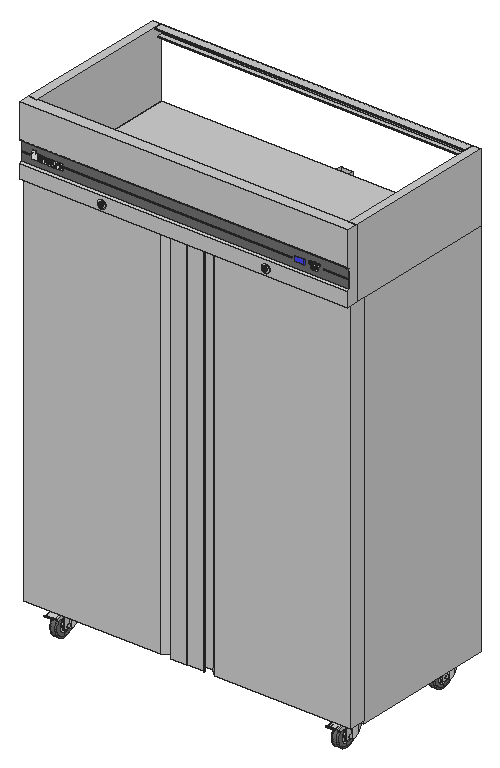
Revit family "QF_INOMAK_CEP2144_SL_250530082142", category Specialty Equipment, Revit 2021
Family settings
  Round Connector Dimension = Use Diameter
  Part Type = Normal
  OmniClass Number = 23.40.40.14
  OmniClass Title = Food Service Equipment
  Work Plane-Based = No
  Always vertical = Yes
  Cut with Voids When Loaded = No
  Shared = No
  Room Calculation Point = No
Parameters (values of type "CEP2144-SL")
  Weight [instance] = 190.999 kg
  Warranty Start Date [instance] = ""
  Warranty Duration [instance] = ""
  Volts [instance] = 230 V
  Volt Free Conn [instance] = no
  URL Recommended Spares List [instance] = ""
  URL Manufacturer [instance] = ""
  URL Cutsheet [instance] = ""
  URL Critical Spares List [instance] = ""
  URL = "www.inomak.com"
  Technical Documentation [instance] = ""
  Tag Number [instance] = ""
  Status [instance] = ""
  Start Up Current [instance] = 0 A
  Specification by User [instance] = ""
  Specification by Manufacturer [instance] = ""
  Sound Level [instance] = ""
  Show Logo [instance] = yes
  Show Clearances [instance] = yes
  Service Life Duration [instance] = ""
  Serial Number [instance] = ""
  Seismic Rating [instance] = ""
  SMACNA No [instance] = ""
  Revision Code [instance] = ""
  Revision [instance] = ""
  Production Year [instance] = ""
  Potential Equalisation [instance] = no
  Point Load [instance] = 0
  Phase [instance] = 1
  Other Equipment Approvals [instance] = ""
  Operational Current [instance] = 0 A
  Number of Poles [instance] = 2
  No Load Power Draw [instance] = no
  NAFEM Spec ID Number [instance] = ""
  Model Warning [instance] = ""
  Model = "CEP2144/SL"
  Min Ckt Ampacity [instance] = 0 A
  Max Overcurrent Protection [instance] = 10 A
  Masterspec [instance] = ""
  Manufacturer = "INOMAK"
  Main switch integrated [instance] = no
  Length Actual [instance] = 1439.926 mm
  Item Number [instance] = ""
  Installed By [instance] = ""
  Installation Date [instance] = ""
  Identify Quantity as Lot [instance] = no
  ID [instance] = ""
  Hygiene Approval [instance] = ""
  Height Actual [instance] = 2100.072 mm
  HP power [instance] = ""
  Furnished By [instance] = ""
  Foodservice Equipment Identifier [instance] = no
  FL Amps [instance] = 5.5 A
  Electrical Remarks [instance] = ""
  Electric power [instance] = 750 W
  Electric Connection Type [instance] = ""
  Elec Conn RI Height [instance] = 0 mm
  Elec Conn Connection Height [instance] = 0 mm
  ETL Approved [instance] = no
  Description = "CLOVER CHILLER CABINET WITH 2 GN 2/1 DOORS, COMPACT DIMENSIONS"
  Depth Actual [instance] = 768.096 mm
  Default Elevation = 0 mm
  Cycle [instance] = 50 Hz
  Cost = 0
  Connection to energy optimisation system [instance] = yes
  Conn Plug [instance] = ""
  Conn Conduit [instance] = no
  Centralized building control system with digital interface [instance] = ""
  CSI MasterFormat [instance] = ""
  CE Approved [instance] = no
  Barcode [instance] = 0
  Author [instance] = ""
  Asset Identifier [instance] = ""
  Apparent Power [instance] = 750 VA
  Accessory [instance] = no
Reference planes
  plane 1 "Center (Front/Back)": y = 0
  plane 2: z = 0
  plane 3 "Center (Left/Right)": x = 0
Forms (mm)
  Extrusion 1, solid, not visible
    sketch origin (1210.059, -2, 1930.094) x (1, 0, 0) y (0, 1, 0)
      loop
        line (-2, 2) -> (-2, -2) -> (2, -2) -> (2, 2) -> (-2, 2)
    from -2 to 2
Dimensions and locks
  locked: Extrusion 1 to nested 2
  locked: nested 2 to Extrusion 1 at 2
  aligned and locked: level to plane 2
Nested families
  nested 1: "QF_INOMAK_REF_CABINETS_2144_2920" at (0, 0, 130), type "CEP2144-SL"
    with Weight 190.999 kg, Warranty Start Date "", Warranty Duration "", URL Cutsheet "", Technical Documentation "", Tag Number "", Status "", Specification by User "", Specification by Manufacturer "", Sound Level "", Solid Fuel Type "", Show Clearances yes, Show Clearance yes, Service Life Duration "", Serial Number "", Seismic Rating "", SMACNA No "", Revision Code "", Revision "", Production Year "", Point Load 0, Other Equipment Approvals "", NAFEM Spec ID Number "", Model Warning "", Masterspec "", Length Actual 1439.926 mm, Item Number "", Installed By "", Installation Date "", Identify Quantity as Lot yes, ID "", Hygiene Approval "", Height Actual 2100.072 mm, Furnished By "", Foodservice Equipment Identifier yes, Finish none, ETL Approved yes, Depth Actual 768.096 mm, CSI MasterFormat "", CE Approved yes, Barcode "", Author "", Asset Identifier "", Accessory no
  nested 2: "CONN_POINT_ELE_2D___Generic_Annotation" at (1210.059, 0, 1930.094), type "CONN_POINT_ELE_2D___Generic_Annotation"
    with Onboard connection annotation symbol visibility yes
  nested 3: "QF_INOMAK_CASTORS_4703" at (0, 0, 0), type "CT-1440-730"
    with Weight 0.00 kg, Warranty Start Date "", Warranty Duration "", URL Cutsheet "", Technical Documentation "", Tag Number "", Status "", Specification by User "", Specification by Manufacturer "", Sound Level "", Solid Fuel Type "", Show Logo yes, Show Clearances yes, Service Life Duration "", Serial Number "", Seismic Rating "", SMACNA No "", Revision Code "", Revision "", Production Year "", Point Load 0, Other Equipment Approvals "", NAFEM Spec ID Number "", Model Warning "", Masterspec "", Length Actual 1439.926 mm, Item Number "", Installed By "", Installation Date "", Identify Quantity as Lot yes, ID "", Hygiene Approval "", Height Actual 130.048 mm, Furnished By "", Foodservice Equipment Identifier yes, ETL Approved yes, Depth Actual 729.996 mm, CSI MasterFormat "", CE Approved yes, Barcode "", Author "", Asset Identifier "", Accessory yes
Connectors
  electrical at (1210.059, 0, 1930.094), driven by "Apparent Power", driven by "Number of Poles", driven by "Volts"
    settings: on Extrusion 1, index 1, voltage 230 V, apparent load 0 VA, apparent load phase1 750 VA, apparent load phase2 0 VA, apparent load phase3 0 VA, power factor 1, load classification "Other", number of poles 2, system type 31, power factor state 1, is connector primary yes, connector utility no, sub classification motor no, connector description "Electrical connection for CEP2144/SL"
Definition of nested family "QF_INOMAK_REF_CABINETS_2144_2920"
  Parameters (values of type "CFP2144")
    Weight [instance] = 0.00 kg
    Warranty Start Date [instance] = ""
    Warranty Duration [instance] = ""
    URL Cutsheet [instance] = ""
    URL = "www.inomak.com"
    Technical Documentation [instance] = ""
    Tag Number [instance] = ""
    Status [instance] = ""
    Specification by User [instance] = ""
    Specification by Manufacturer [instance] = ""
    Sound Level [instance] = ""
    Solid Fuel Type [instance] = ""
    Show Logo = yes
    Show Clearances [instance] = yes
    Show Clearance [instance] = yes
    Service Life Duration [instance] = ""
    Serial Number [instance] = ""
    Seismic Rating [instance] = ""
    SMACNA No [instance] = ""
    Revision Code [instance] = ""
    Revision [instance] = ""
    Production Year [instance] = ""
    Point Load [instance] = 0
    Other Equipment Approvals [instance] = ""
    NAFEM Spec ID Number [instance] = ""
    Model Warning [instance] = ""
    Model = "CFP2144"
    Masterspec [instance] = ""
    Manufacturer = "INOMAK"
    Length Actual [instance] = 0 mm
    Length = 720 mm
    Item Number [instance] = ""
    Installed By [instance] = ""
    Installation Date [instance] = ""
    Identify Quantity as Lot [instance] = yes
    ID [instance] = ""
    Hygiene Approval [instance] = ""
    Height Actual [instance] = 0 mm
    Height = 1985 mm
    Furnished By [instance] = ""
    Foodservice Equipment Identifier [instance] = yes
    Finish [instance] = none
    ETL Approved [instance] = yes
    Description = "CASTANEA FREEZER CABINET WITH 2 GN 2/1 DOORS"
    Depth Actual [instance] = 0 mm
    Depth = 832 mm
    Default Elevation = 0 mm
    CSI MasterFormat [instance] = ""
    CE Approved [instance] = yes
    Barcode [instance] = ""
    Author [instance] = ""
    Asset Identifier [instance] = ""
    Assembly Code = "E1090320"
    Accessory [instance] = yes
  Types (4, lengths in mm): name | Model | Description | Depth
    CFP2144 | "CFP2144" | "CASTANEA FREEZER CABINET WITH 2 GN 2/1 DOORS" | 832
    CEP2144 | "CEP2144" | "CYPRESS CHILLER CABINET WITH 2 GN 2/1 DOORS" | 832
    CEP2144-SL | "CEP2144/SL" | "CLOVER CHILLER CABINET WITH 2 GN 2/1 DOORS, COMPACT DIMENSIONS" | 732
    CFP2144-SL | "CFP2144/SL" | "CLOVER FREEZER CABINET WITH 2 GN 2/1 DOORS, COMPACT DIMENSIONS" | 732
  Reference planes
    plane 1 "Back": y = 0
    plane 2: z = 0
    plane 3 "Left": x = 0
    plane 4 "Right": x = 1440
    plane 5 "Front": y = -832
    plane 6 "Top": z = 1985
  Forms (mm)
    Extrusion 1, solid
      sketch origin (-1732.685, -832, 3995) x (-1, 0, 0) y (0, 0, 1)
        loop
          circle (-3004.815, -2199.02) r 6.965
        loop
          circle (-3021.846, -2199.02) r 6.965
        loop
          circle (-3038.855, -2199.02) r 6.965
        loop
          circle (-3013.341, -2217.021) r 6.965
        loop
          circle (-3030.35, -2217.021) r 6.965
        loop
          circle (-3004.815, -2199.02) r 3.965
        loop
          circle (-3021.846, -2199.02) r 3.965
        loop
          circle (-3038.855, -2199.02) r 3.965
        loop
          circle (-3013.341, -2217.021) r 3.965
        loop
          circle (-3030.35, -2217.021) r 3.965
      from 7.3 to 10.302
    Extrusion 2, solid
      sketch origin (-1732.685, -832, 3995) x (-1, 0, 0) y (0, 0, 1)
        loop
          line (-2977.026, -2195.289) -> (-2977.026, -2218.289) -> (-2937.026, -2218.289) -> (-2937.026, -2195.289) -> (-2977.026, -2195.289)
      from 7.3 to 10.302
    Extrusion 3, solid
      sketch origin (-1732.685, -832, 3995) x (-1, 0, 0) y (0, 0, 1)
        loop
          line (-1732.685, -2167.27) -> (-3172.685, -2167.27) -> (-3172.685, -2246.309) -> (-1732.685, -2246.309) -> (-1732.685, -2167.27)
      from 7.8 to 10.302
    Extrusion 4, solid, visible <- "Show Logo"
      sketch origin (-1732.685, -832, 3995) x (-1, 0, 0) y (0, 0, 1)
        loop
          line (-1776.745, -2194.74) -> (-1782.745, -2194.74) -> (-1782.745, -2183.633) -> (-1796.982, -2183.633) -> (-1796.982, -2194.74) -> (-1802.982, -2194.74) -> (-1802.982, -2220.99) -> (-1776.745, -2220.99) -> (-1776.745, -2194.74)
        loop
          line (-1807.298, -2195.052) -> (-1814.587, -2195.052) -> (-1814.587, -2220.99) -> (-1807.298, -2220.99) -> (-1807.298, -2195.052)
        loop
          line (-1817.107, -2220.99) -> (-1817.107, -2195.052) -> (-1823.94, -2195.052) -> (-1827.134, -2206.971) -> (-1827.134, -2195.052) -> (-1833.666, -2195.052) -> (-1833.666, -2220.99) -> (-1827.134, -2220.99) -> (-1823.42, -2207.127) -> (-1823.42, -2220.99) -> (-1817.107, -2220.99)
        loop
          line (-1854.348, -2220.99) -> (-1854.348, -2195.052) -> (-1863.311, -2195.052) -> (-1865.673, -2209.062) -> (-1868.035, -2195.052) -> (-1876.997, -2195.052) -> (-1876.997, -2220.99) -> (-1870.372, -2220.99) -> (-1870.372, -2207.127) -> (-1868.035, -2220.99) -> (-1863.311, -2220.99) -> (-1860.973, -2207.127) -> (-1860.973, -2220.99) -> (-1854.348, -2220.99)
        loop
          line (-1839.536, -2195.052) -> (-1848.861, -2195.052)
          arc (-1848.861, -2195.052) -> (-1851.458, -2196.128) -> (-1852.533, -2198.724) r 3.672
          line (-1852.533, -2198.724) -> (-1852.533, -2217.318)
          arc (-1852.533, -2217.318) -> (-1851.458, -2219.914) -> (-1848.861, -2220.99) r 3.672
          line (-1848.861, -2220.99) -> (-1839.536, -2220.99)
          arc (-1839.536, -2220.99) -> (-1836.939, -2219.914) -> (-1835.864, -2217.318) r 3.672
          line (-1835.864, -2217.318) -> (-1835.864, -2198.724)
          arc (-1835.864, -2198.724) -> (-1836.939, -2196.128) -> (-1839.536, -2195.052) r 3.672
        loop
          arc (-1843.172, -2198.208) -> (-1844.198, -2197.181) -> (-1845.225, -2198.208) r 1.027
          line (-1845.225, -2198.208) -> (-1845.225, -2216.801)
          arc (-1845.225, -2216.801) -> (-1844.198, -2217.828) -> (-1843.172, -2216.801) r 1.027
          line (-1843.172, -2216.801) -> (-1843.172, -2198.208)
        loop
          line (-1878.066, -2220.99) -> (-1882.439, -2195.052) -> (-1891.3, -2195.052) -> (-1895.673, -2220.99) -> (-1889.146, -2220.99) -> (-1888.536, -2216.027) -> (-1885.203, -2216.027) -> (-1884.593, -2220.99) -> (-1878.066, -2220.99)
        loop
          line (-1885.759, -2211.498) -> (-1886.87, -2202.452) -> (-1887.98, -2211.498) -> (-1885.759, -2211.498)
        loop
          line (-1896.638, -2220.99) -> (-1896.638, -2195.052) -> (-1903.263, -2195.052) -> (-1903.263, -2204.165) -> (-1906.049, -2195.052) -> (-1913.487, -2195.052) -> (-1909.159, -2206.329) -> (-1914.207, -2220.99) -> (-1906.623, -2220.99) -> (-1903.263, -2208.45) -> (-1903.263, -2220.99) -> (-1896.638, -2220.99)
      from 7.3 to 10.3
    Extrusion 5, solid
      sketch origin (-1732.685, -832, 3995) x (-1, 0, 0) y (0, 0, 1)
        loop
          line (-1732.685, -2204.789) -> (-1769.679, -2204.789) -> (-1769.679, -2208.789) -> (-1732.685, -2208.789) -> (-1732.685, -2204.789)
        loop
          line (-1918.161, -2204.789) -> (-2922.526, -2204.789) -> (-2922.526, -2208.789) -> (-1918.161, -2208.789) -> (-1918.161, -2204.789)
        loop
          line (-3172.685, -2204.789) -> (-3172.685, -2208.789) -> (-3064.916, -2208.789) -> (-3064.916, -2204.789) -> (-3172.685, -2204.789)
      from 7.3 to 10.302
    Extrusion 6, solid, material <- "Finish"
      sketch origin (0, 24.612, -1987) x (0, 1, 0) y (0, 0, 1)
        loop
          line (-856.612, 3972) -> (-856.612, 3823.032) -> (-848.31, 3814.73) -> (-848.31, 3735.691) -> (-856.612, 3727.389) -> (-856.612, 3667) -> (-806.612, 3667) -> (-806.612, 3972) -> (-856.612, 3972)
      from 0 to 1440
    Extrusion 7, solid, material <- "Finish"
      sketch origin (0, 0, 1985) x (0, 1, 0) y (-1, 0, 0)
        loop
          line (-782, 0) -> (-782, -35) -> (0, -35) -> (0, 0) -> (-782, 0)
      from 0 to -305
    Extrusion 8, solid, material <- "Finish"
      sketch origin (0, 0, 1985) x (0, 1, 0) y (-1, 0, 0)
        loop
          line (-782, -1440) -> (0, -1440) -> (0, -1405) -> (-782, -1405) -> (-782, -1440)
      from 0 to -305
    Extrusion 9, solid, material <- "Finish"
      sketch origin (360, 24.612, -1987) x (0, 1, 0) y (0, 0, 1)
        loop
          line (-806.612, 3863.915) -> (-806.612, 3667) -> (-686.934, 3667) -> (-686.934, 3744.237) -> (-806.612, 3863.915)
      from -325 to 1045
    Extrusion 10, solid, material <- "Finish"
      sketch origin (40, 24.612, -123) x (0, 1, 0) y (0, 0, 1)
        loop
          line (-683.378, 1913.946) -> (-698.935, 1929.502) -> (-717.143, 1911.294) -> (-715.729, 1909.88) -> (-698.935, 1926.674) -> (-684.793, 1912.532) -> (-683.378, 1913.946)
      from 114.953 to 225
    Extrusion 11, solid, material <- "Finish"
      sketch origin (0, 30.903, -1982) x (0, 1, 0) y (0, 0, 1)
        loop
          line (-30.903, 3967) -> (-70.903, 3967) -> (-70.903, 3965) -> (-32.903, 3965) -> (-32.903, 3929) -> (-55.903, 3929) -> (-55.903, 3927) -> (-30.903, 3927) -> (-30.903, 3967)
      from 35 to 1405
    Extrusion 12, solid, material <- "Finish"
      sketch origin (0, 30.903, -118) x (0, 1, 0) y (0, 0, 1)
        loop
          line (-30.903, 1798) -> (-772.903, 1798) -> (-772.903, 1733) -> (-100.876, 1733) -> (-100.876, 188) -> (-772.903, 188) -> (-772.903, 118) -> (-30.903, 118) -> (-30.903, 1798)
      from 35 to 1405
    Extrusion 13, solid, material <- "Finish"
      sketch origin (0, 30.903, -415.687) x (1, 0, 0) y (0, 1, 0)
        loop
          line (0, -772.903) -> (35, -772.903) -> (35, -30.903) -> (0, -30.903) -> (0, -772.903)
      from 415.687 to 2095.687
    Extrusion 14, solid, material <- "Finish"
      sketch origin (720, 30.903, -415.687) x (-1, 0, 0) y (0, -1, 0)
        loop
          line (-720, 772.903) -> (-720, 30.903) -> (-685, 30.903) -> (-685, 772.903) -> (-720, 772.903)
      from 415.687 to 2095.687
    Revolve 15, solid
      sketch origin (358.942, 24.612, -1987) x (0, 1, 0) y (0, 0, 1)
        loop
          line (-859.012, 3694.152) -> (-856.612, 3694.152) -> (-856.612, 3711.145) -> (-857.612, 3711.145) -> (-861.012, 3706.633) -> (-861.012, 3702.998) -> (-859.012, 3702.998) -> (-859.012, 3694.152)
        axis (-856.612, 3694.152) -> (-861.012, 3694.152)
      angle from 0 to 360
    Extrusion 16, solid
      sketch origin (-2452.685, -832, 3995) x (-1, 0, 0) y (0, 0, 1)
        loop
          line (-2810.827, -2284.348) -> (-2812.827, -2284.348) -> (-2812.827, -2291.348) -> (-2810.827, -2291.348) -> (-2810.827, -2284.348)
        loop
          circle (-2811.627, -2287.848) r 7.846
      from -4.4 to -2.4
    Revolve 17, solid
      sketch origin (1081.058, 24.612, -1987) x (0, 1, 0) y (0, 0, -1)
        loop
          line (-859.012, -3694.152) -> (-859.012, -3702.998) -> (-861.012, -3702.998) -> (-861.012, -3706.633) -> (-857.612, -3711.145) -> (-856.612, -3711.145) -> (-856.612, -3694.152) -> (-859.012, -3694.152)
        axis (-856.612, -3694.152) -> (-861.012, -3694.152)
      angle from 0 to 360
    Extrusion 18, solid
      sketch origin (3892.685, -832, 3995) x (1, 0, 0) y (0, 0, -1)
        loop
          line (-2810.827, 2284.348) -> (-2810.827, 2291.348) -> (-2812.827, 2291.348) -> (-2812.827, 2284.348) -> (-2810.827, 2284.348)
        loop
          circle (-2811.627, 2287.848) r 7.846
      from -4.4 to -2.4
    Extrusion 19, solid, material <- "Finish"
      sketch origin (1400, 24.612, -123) x (0, 1, 0) y (0, 0, -1)
        loop
          line (-683.378, -1913.946) -> (-684.793, -1912.532) -> (-698.935, -1926.674) -> (-715.729, -1909.88) -> (-717.143, -1911.294) -> (-698.935, -1929.502) -> (-683.378, -1913.946)
      from 114.953 to 225
    Extrusion 20, solid, visible <- "Show Clearance", detail levels coarse
      sketch origin (872.304, -180, -18) x (-1, 0, 0) y (0, -1, 0)
        loop
          line (872.304, 1302) -> (804.804, 1302)
          arc (804.804, 1302) -> (341.042, 1101.619) -> (154.804, 632) r 660.076
          line (154.804, 632) -> (872.304, 632) -> (872.304, 1302)
      from 28 to 1695
    Extrusion 21, solid, material <- "Finish"
      sketch origin (25.5, -748.447, 1286.729) x (0, 1, 0) y (-1, 0, 0)
        loop
          line (-63.553, 25.5) -> (-63.553, -575.562) -> (-33.678, -605.437) -> (-33.678, -650.304) -> (-47.56, -652.255) -> (-51.238, -626.088) -> (-60.737, -620.603)
          arc (-60.737, -620.603) -> (-62.614, -620.603) -> (-63.553, -622.228) r 1.877
          line (-63.553, -622.228) -> (-63.553, -692) -> (6.447, -692) -> (6.447, 25.5) -> (-63.553, 25.5)
      from -1276.729 to 390.271
    Extrusion 22, solid, visible <- "Show Clearance", detail levels coarse
      sketch origin (567.696, -180, -18) x (1, 0, 0) y (0, 1, 0)
        loop
          line (872.304, -1302) -> (872.304, -632) -> (154.804, -632)
          arc (154.804, -632) -> (341.042, -1101.619) -> (804.804, -1302) r 660.076
          line (804.804, -1302) -> (872.304, -1302)
      from 28 to 1695
    Extrusion 23, solid, material <- "Finish"
      sketch origin (1414.5, -748.447, 1286.729) x (0, 1, 0) y (-1, 0, 0)
        loop
          line (-63.553, -25.5) -> (6.447, -25.5) -> (6.447, 692) -> (-63.553, 692) -> (-63.553, 622.228)
          arc (-63.553, 622.228) -> (-62.614, 620.603) -> (-60.737, 620.603) r 1.877
          line (-60.737, 620.603) -> (-51.238, 626.088) -> (-47.56, 652.255) -> (-33.678, 650.304) -> (-33.678, 605.437) -> (-63.553, 575.562) -> (-63.553, -25.5)
      from -1276.729 to 390.271
    Extrusion 24, solid, material <- "Finish"
      sketch origin (360, 30.903, -118) x (1, 0, 0) y (0, 1, 0)
        loop
          line (187, 5.097) -> (187, -29.903) -> (175, -29.903) -> (175, -30.903) -> (545, -30.903) -> (545, -29.903) -> (533, -29.903) -> (533, 5.097) -> (187, 5.097)
      from 1156 to 1531
    Extrusion 25, solid, material <- "Finish"
      sketch origin (460, 30.903, -118) x (1, 0, 0) y (0, 1, 0)
        loop
          line (339, 0.097) -> (339, -29.903) -> (325, -29.903) -> (325, -30.903) -> (340, -30.903) -> (340, -0.903) -> (393, -0.903) -> (393, -30.903) -> (408, -30.903) -> (408, -29.903) -> (394, -29.903) -> (394, 0.097) -> (339, 0.097)
      from 1531 to 1793
  Lines and regions (mm)
    symbolic lines
      curve 1: line (0, 0, 0) -> (1440, 0, 0)
      curve 2: line (0, -832, 0) -> (0, 0, 0)
      curve 3: line (1440, -832, 0) -> (0, -832, 0)
      curve 4: line (1440, 0, 0) -> (1440, -832, 0)
      curve 5: line (35, 0, 0) -> (35, -782, 0)
      curve 6: line (35, -782, 0) -> (1405, -782, 0)
      curve 7: line (1405, -782, 0) -> (1405, 0, 0)
      curve 8: line (35, -40, 0) -> (1405, -40, 0)
      curve 9: line (35, -662.322, 0) -> (1405, -662.322, 0)
      curve 16: line (547, 1, 0) -> (547, 36, 0)
      curve 17: line (547, 36, 0) -> (893, 36, 0)
      curve 18: line (893, 36, 0) -> (893, 1, 0)
      curve 19: line (547, 1, 0) -> (535, 1, 0)
      curve 20: line (535, 1, 0) -> (535, 0, 0)
      curve 21: line (893, 1, 0) -> (905, 1, 0)
      curve 22: line (905, 1, 0) -> (905, 0, 0)
      curve 23: line (785, 0, 0) -> (785, 1, 0)
      curve 24: line (785, 1, 0) -> (799, 1, 0)
      curve 25: line (799, 1, 0) -> (799, 31, 0)
      curve 26: line (799, 31, 0) -> (854, 31, 0)
      curve 27: line (854, 31, 0) -> (854, 1, 0)
      curve 28: line (854, 1, 0) -> (868, 1, 0)
      curve 29: line (868, 1, 0) -> (868, 0, 0)
    symbolic lines, visible <- "Show Clearance"
      curve 10: line (67.5, -1482, 0) -> (0, -1482, 0)
      curve 11: line (0, -1482, 0) -> (0, -832, 0)
      curve 12: arc (717.5, -832, 0) -> (524.244, -1288.744, 0) -> (67.5, -1482, 0) r 660.076
      curve 13: line (1372.5, -1482, 0) -> (1440, -1482, 0)
      curve 14: line (1440, -1482, 0) -> (1440, -832, 0)
      curve 15: arc (722.5, -832, 0) -> (915.756, -1288.744, 0) -> (1372.5, -1482, 0) r 660.076
  Dimensions and locks
    plane 3 "Left" to plane 4 "Right" = 1440 mm
    "Depth": plane 5 "Front" to plane 1 "Back"
    "Height": plane 6 "Top" to level
    plane 6 "Top" to level = 1985 mm
    aligned and locked: level to plane 2
    aligned and locked: plane 6 "Top" to Extrusion 6 sketch curve
  Automatic sketch dimensions
    Extrusion 1 sketch curve to Extrusion 1 sketch curve = 0 mm  (x13)
    plane 4 "Right" to Extrusion 1 sketch curve = 133.83 mm
    Extrusion 1 sketch curve to Extrusion 1 sketch curve = 8.505 mm
    Extrusion 1 sketch curve to Extrusion 1 sketch curve = 17.009 mm  (x2)
    Extrusion 1 sketch curve to Extrusion 1 sketch curve = 17.03 mm
    Extrusion 1 sketch curve to plane 6 "Top" = 207.021 mm
    Extrusion 1 sketch curve to Extrusion 1 sketch curve = 18.001 mm
    plane 4 "Right" to Extrusion 2 sketch curve = 195.659 mm
    Extrusion 2 sketch curve to Extrusion 2 sketch curve = 40 mm
    Extrusion 2 sketch curve to plane 6 "Top" = 208.289 mm
    Extrusion 2 sketch curve to Extrusion 2 sketch curve = 23 mm
    plane 4 "Right" to Extrusion 3 sketch curve = 0 mm
    Extrusion 3 sketch curve to plane 3 "Left" = 0 mm
    Extrusion 3 sketch curve to plane 6 "Top" = 236.309 mm
    Extrusion 3 sketch curve to Extrusion 3 sketch curve = 79.039 mm
    plane 3 "Left" to Extrusion 4 sketch curve = 181.522 mm
    Extrusion 4 sketch curve to Extrusion 4 sketch curve = 0.72 mm
    Extrusion 4 sketch curve to Extrusion 4 sketch curve = 4.329 mm
    Extrusion 4 sketch curve to Extrusion 4 sketch curve = 7.584 mm
    Extrusion 4 sketch curve to Extrusion 4 sketch curve = 7.438 mm
    Extrusion 4 sketch curve to Extrusion 4 sketch curve = 5.895 mm
    Extrusion 4 sketch curve to Extrusion 4 sketch curve = 0 mm  (x16)
    Extrusion 4 sketch curve to Extrusion 4 sketch curve = 6.625 mm  (x2)
    Extrusion 4 sketch curve to Extrusion 4 sketch curve = 0.965 mm
    Extrusion 4 sketch curve to Extrusion 4 sketch curve = 5.338 mm
    Extrusion 4 sketch curve to Extrusion 4 sketch curve = 6.527 mm  (x2)
    Extrusion 4 sketch curve to Extrusion 4 sketch curve = 0.609 mm
    Extrusion 4 sketch curve to Extrusion 4 sketch curve = 0.556 mm
    Extrusion 4 sketch curve to Extrusion 4 sketch curve = 4.43 mm  (x2)
    Extrusion 4 sketch curve to Extrusion 4 sketch curve = 2.222 mm
    Extrusion 4 sketch curve to Extrusion 4 sketch curve = 3.334 mm
    Extrusion 4 sketch curve to Extrusion 4 sketch curve = 4.552 mm
    Extrusion 4 sketch curve to Extrusion 4 sketch curve = 1.069 mm
    Extrusion 4 sketch curve to Extrusion 4 sketch curve = 8.962 mm  (x2)
    Extrusion 4 sketch curve to Extrusion 4 sketch curve = 2.337 mm
    Extrusion 4 sketch curve to Extrusion 4 sketch curve = 4.699 mm  (x2)
    Extrusion 4 sketch curve to Extrusion 4 sketch curve = 4.724 mm  (x2)
    Extrusion 4 sketch curve to Extrusion 4 sketch curve = 1.815 mm
    Extrusion 4 sketch curve to Extrusion 4 sketch curve = 3.672 mm  (x6)
    Extrusion 4 sketch curve to Extrusion 4 sketch curve = 3.636 mm  (x3)
    Extrusion 4 sketch curve to Extrusion 4 sketch curve = 1.027 mm
    Extrusion 4 sketch curve to Extrusion 4 sketch curve = 2.197 mm
    Extrusion 4 sketch curve to Extrusion 4 sketch curve = 6.532 mm  (x2)
    Extrusion 4 sketch curve to Extrusion 4 sketch curve = 3.194 mm
    Extrusion 4 sketch curve to Extrusion 4 sketch curve = 3.714 mm
    Extrusion 4 sketch curve to Extrusion 4 sketch curve = 6.312 mm
    Extrusion 4 sketch curve to Extrusion 4 sketch curve = 2.52 mm
    Extrusion 4 sketch curve to Extrusion 4 sketch curve = 7.29 mm
    Extrusion 4 sketch curve to Extrusion 4 sketch curve = 4.315 mm
    Extrusion 4 sketch curve to Extrusion 4 sketch curve = 6 mm
    Extrusion 4 sketch curve to Extrusion 4 sketch curve = 14.237 mm
    Extrusion 4 sketch curve to Extrusion 4 sketch curve = 26.237 mm
    Extrusion 4 sketch curve to plane 6 "Top" = 210.99 mm
    Extrusion 4 sketch curve to Extrusion 4 sketch curve = 0.516 mm  (x2)
    Extrusion 4 sketch curve to Extrusion 4 sketch curve = 4.963 mm
    Extrusion 4 sketch curve to Extrusion 4 sketch curve = 4.529 mm
    Extrusion 4 sketch curve to Extrusion 4 sketch curve = 11.927 mm
    Extrusion 4 sketch curve to Extrusion 4 sketch curve = 12.539 mm
    Extrusion 4 sketch curve to Extrusion 4 sketch curve = 1.935 mm  (x2)
    Extrusion 4 sketch curve to Extrusion 4 sketch curve = 13.862 mm
    Extrusion 4 sketch curve to Extrusion 4 sketch curve = 0.157 mm
    Extrusion 4 sketch curve to Extrusion 4 sketch curve = 2.122 mm
    Extrusion 4 sketch curve to Extrusion 4 sketch curve = 4.285 mm
    Extrusion 4 sketch curve to Extrusion 4 sketch curve = 9.047 mm
    Extrusion 4 sketch curve to Extrusion 4 sketch curve = 8.403 mm
    Extrusion 4 sketch curve to Extrusion 4 sketch curve = 12.075 mm
    Extrusion 4 sketch curve to Extrusion 4 sketch curve = 26.25 mm
    Extrusion 4 sketch curve to Extrusion 4 sketch curve = 0.312 mm
    Extrusion 4 sketch curve to Extrusion 4 sketch curve = 11.107 mm
    plane 4 "Right" to Extrusion 5 sketch curve = 0 mm
    Extrusion 5 sketch curve to plane 3 "Left" = 0 mm
    Extrusion 5 sketch curve to Extrusion 5 sketch curve = 107.768 mm
    Extrusion 5 sketch curve to Extrusion 5 sketch curve = 142.39 mm
    plane 3 "Left" to Extrusion 5 sketch curve = 185.476 mm
    plane 3 "Left" to Extrusion 5 sketch curve = 36.995 mm
    Extrusion 5 sketch curve to plane 6 "Top" = 198.789 mm
    Extrusion 5 sketch curve to Extrusion 5 sketch curve = 0 mm  (x2)
    Extrusion 5 sketch curve to Extrusion 5 sketch curve = 4 mm  (x3)
    Extrusion 6 sketch curve to plane 5 "Front" = 0 mm  (x2)
    plane 5 "Front" to Extrusion 6 sketch curve = 8.302 mm
    Extrusion 6 sketch curve to Extrusion 6 sketch curve = 50 mm
    Extrusion 6 sketch curve to plane 6 "Top" = 148.968 mm
    Extrusion 6 sketch curve to Extrusion 6 sketch curve = 8.302 mm  (x2)
    Extrusion 6 sketch curve to Extrusion 6 sketch curve = 79.039 mm
    Extrusion 6 sketch curve to Extrusion 6 sketch curve = 60.389 mm
    plane 5 "Front" to Extrusion 9 sketch curve = 50 mm
    Extrusion 9 sketch curve to Extrusion 9 sketch curve = 119.678 mm
    Extrusion 9 sketch curve to plane 6 "Top" = 305 mm
    Extrusion 9 sketch curve to Extrusion 9 sketch curve = 77.237 mm
    Extrusion 9 sketch curve to plane 6 "Top" = 108.085 mm
    plane 5 "Front" to Extrusion 10 sketch curve = 139.47 mm
    Extrusion 10 sketch curve to Extrusion 10 sketch curve = 1.414 mm  (x2)
    Extrusion 10 sketch curve to Extrusion 10 sketch curve = 16.794 mm
    Extrusion 10 sketch curve to Extrusion 10 sketch curve = 0 mm
    Extrusion 10 sketch curve to Extrusion 10 sketch curve = 14.142 mm
    Extrusion 10 sketch curve to plane 6 "Top" = 198.12 mm
    Extrusion 11 sketch curve to plane 6 "Top" = 0 mm
    Extrusion 11 sketch curve to plane 1 "Back" = 0 mm
    plane 1 "Back" to Extrusion 11 sketch curve = 2 mm
    Extrusion 11 sketch curve to Extrusion 11 sketch curve = 23 mm
    Extrusion 11 sketch curve to Extrusion 11 sketch curve = 38 mm
    Extrusion 11 sketch curve to Extrusion 11 sketch curve = 2 mm  (x2)
    Extrusion 11 sketch curve to Extrusion 11 sketch curve = 36 mm
    Extrusion 12 sketch curve to level = 0 mm
    Extrusion 12 sketch curve to plane 1 "Back" = 0 mm
    plane 1 "Back" to Extrusion 12 sketch curve = 69.973 mm
    plane 5 "Front" to Extrusion 12 sketch curve = 90 mm  (x2)
    level to Extrusion 12 sketch curve = 70 mm
    Extrusion 12 sketch curve to plane 6 "Top" = 370 mm
    Extrusion 12 sketch curve to Extrusion 12 sketch curve = 65 mm
    plane 1 "Back" to Extrusion 13 sketch curve = 0 mm
    Extrusion 13 sketch curve to plane 3 "Left" = 0 mm
    plane 3 "Left" to Extrusion 13 sketch curve = 35 mm
    plane 5 "Front" to Extrusion 13 sketch curve = 90 mm
    plane 1 "Back" to Extrusion 14 sketch curve = 0 mm
    Extrusion 14 sketch curve to plane 4 "Right" = 0 mm
    Extrusion 14 sketch curve to Extrusion 14 sketch curve = 35 mm
    plane 5 "Front" to Extrusion 14 sketch curve = 90 mm
    Revolve 15 sketch curve to plane 5 "Front" = 0 mm
    Revolve 15 sketch curve to plane 5 "Front" = 1 mm
    Revolve 15 sketch curve to plane 5 "Front" = 2.4 mm
    Revolve 15 sketch curve to Revolve 15 sketch curve = 2 mm
    Revolve 15 sketch curve to plane 6 "Top" = 277.848 mm
    Revolve 15 sketch curve to Revolve 15 sketch curve = 8.846 mm
    Revolve 15 sketch curve to Revolve 15 sketch curve = 3.635 mm
    Revolve 15 sketch curve to Revolve 15 sketch curve = 4.512 mm
    Revolve 15 sketch curve to Revolve 15 sketch curve = 0 mm  (x2)
    Revolve 15 sketch curve to Revolve 15 sketch curve = 4.096 mm
    plane 3 "Left" to Extrusion 16 sketch curve = 360.142 mm
    Extrusion 16 sketch curve to Extrusion 16 sketch curve = 1.2 mm
    Extrusion 16 sketch curve to Extrusion 16 sketch curve = 2 mm
    Extrusion 16 sketch curve to plane 6 "Top" = 281.348 mm
    Extrusion 16 sketch curve to Extrusion 16 sketch curve = 3.5 mm  (x2)
    Revolve 17 sketch curve to plane 5 "Front" = 0 mm
    Revolve 17 sketch curve to plane 5 "Front" = 1 mm
    Revolve 17 sketch curve to plane 5 "Front" = 2.4 mm
    Revolve 17 sketch curve to Revolve 17 sketch curve = 2 mm
    Revolve 17 sketch curve to plane 6 "Top" = 260.855 mm
    Revolve 17 sketch curve to Revolve 17 sketch curve = 4.512 mm
    Revolve 17 sketch curve to Revolve 17 sketch curve = 3.635 mm
    Revolve 17 sketch curve to Revolve 17 sketch curve = 8.846 mm
    Revolve 17 sketch curve to Revolve 17 sketch curve = 0 mm  (x2)
    Revolve 17 sketch curve to Revolve 17 sketch curve = 4.096 mm
    plane 4 "Right" to Extrusion 18 sketch curve = 360.142 mm
    Extrusion 18 sketch curve to Extrusion 18 sketch curve = 1.2 mm
    Extrusion 18 sketch curve to Extrusion 18 sketch curve = 2 mm
    Extrusion 18 sketch curve to plane 6 "Top" = 274.348 mm
    Extrusion 18 sketch curve to Extrusion 18 sketch curve = 3.5 mm  (x2)
    plane 5 "Front" to Extrusion 19 sketch curve = 139.47 mm
    Extrusion 19 sketch curve to Extrusion 19 sketch curve = 1.414 mm
    Extrusion 19 sketch curve to Extrusion 19 sketch curve = 16.794 mm
    Extrusion 19 sketch curve to Extrusion 19 sketch curve = 0 mm
    Extrusion 19 sketch curve to Extrusion 19 sketch curve = 14.142 mm
    Extrusion 19 sketch curve to plane 6 "Top" = 178.498 mm
    Extrusion 19 sketch curve to Extrusion 19 sketch curve = 12.728 mm
    Extrusion 20 sketch curve to plane 3 "Left" = 0 mm
    plane 5 "Front" to Extrusion 20 sketch curve = 10 mm
    plane 3 "Left" to Extrusion 20 sketch curve = 57.5 mm
    plane 3 "Left" to Extrusion 20 sketch curve = 67.5 mm
    plane 5 "Front" to Extrusion 20 sketch curve = 20 mm
    Extrusion 20 sketch curve to Extrusion 20 sketch curve = 660 mm
    Extrusion 21 sketch curve to plane 3 "Left" = 0 mm
    plane 5 "Front" to Extrusion 21 sketch curve = 20 mm  (x2)
    Extrusion 21 sketch curve to Extrusion 21 sketch curve = 1.877 mm
    Extrusion 21 sketch curve to Extrusion 21 sketch curve = 0.938 mm
    Extrusion 21 sketch curve to Extrusion 21 sketch curve = 9.5 mm
    Extrusion 21 sketch curve to Extrusion 21 sketch curve = 3.678 mm
    Extrusion 21 sketch curve to Extrusion 21 sketch curve = 13.882 mm
    Extrusion 21 sketch curve to Extrusion 21 sketch curve = 70 mm
    plane 3 "Left" to Extrusion 21 sketch curve = 601.062 mm
    Extrusion 21 sketch curve to Extrusion 21 sketch curve = 29.874 mm
    Extrusion 21 sketch curve to Extrusion 21 sketch curve = 15.166 mm
    Extrusion 21 sketch curve to Extrusion 21 sketch curve = 5.485 mm
    Extrusion 21 sketch curve to Extrusion 21 sketch curve = 24.216 mm
    Extrusion 21 sketch curve to Extrusion 21 sketch curve = 41.696 mm
    Extrusion 22 sketch curve to plane 4 "Right" = 0 mm
    plane 5 "Front" to Extrusion 22 sketch curve = 10 mm
    plane 4 "Right" to Extrusion 22 sketch curve = 57.5 mm
    plane 4 "Right" to Extrusion 22 sketch curve = 67.5 mm
    plane 5 "Front" to Extrusion 22 sketch curve = 20 mm
    Extrusion 22 sketch curve to Extrusion 22 sketch curve = 660 mm
    Extrusion 23 sketch curve to plane 4 "Right" = 0 mm
    plane 5 "Front" to Extrusion 23 sketch curve = 20 mm  (x2)
    Extrusion 23 sketch curve to Extrusion 23 sketch curve = 1.877 mm
    Extrusion 23 sketch curve to Extrusion 23 sketch curve = 0.938 mm
    Extrusion 23 sketch curve to Extrusion 23 sketch curve = 9.5 mm
    Extrusion 23 sketch curve to Extrusion 23 sketch curve = 3.678 mm
    Extrusion 23 sketch curve to Extrusion 23 sketch curve = 13.882 mm
    Extrusion 23 sketch curve to Extrusion 23 sketch curve = 70 mm
    plane 4 "Right" to Extrusion 23 sketch curve = 601.062 mm
    Extrusion 23 sketch curve to Extrusion 23 sketch curve = 29.874 mm
    Extrusion 23 sketch curve to Extrusion 23 sketch curve = 15.166 mm
    Extrusion 23 sketch curve to Extrusion 23 sketch curve = 5.485 mm
    Extrusion 23 sketch curve to Extrusion 23 sketch curve = 24.216 mm
    Extrusion 23 sketch curve to Extrusion 23 sketch curve = 39.745 mm
    Extrusion 7 sketch curve to plane 3 "Left" = 0 mm
    plane 1 "Back" to Extrusion 7 sketch curve = 0 mm
    plane 5 "Front" to Extrusion 7 sketch curve = 50 mm
    plane 3 "Left" to Extrusion 7 sketch curve = 35 mm
    Extrusion 8 sketch curve to plane 4 "Right" = 0 mm
    plane 1 "Back" to Extrusion 8 sketch curve = 0 mm
    plane 5 "Front" to Extrusion 8 sketch curve = 50 mm
    Extrusion 8 sketch curve to Extrusion 8 sketch curve = 35 mm
    plane 1 "Back" to Extrusion 24 sketch curve = 0 mm
    Extrusion 24 sketch curve to plane 1 "Back" = 1 mm  (x2)
    plane 3 "Left" to Extrusion 24 sketch curve = 535 mm
    Extrusion 24 sketch curve to Extrusion 24 sketch curve = 12 mm  (x2)
    Extrusion 24 sketch curve to plane 1 "Back" = 36 mm
    Extrusion 24 sketch curve to Extrusion 24 sketch curve = 346 mm
    plane 1 "Back" to Extrusion 25 sketch curve = 0 mm  (x2)
    plane 3 "Left" to Extrusion 25 sketch curve = 785 mm
    Extrusion 25 sketch curve to plane 1 "Back" = 1 mm  (x2)
    Extrusion 25 sketch curve to Extrusion 25 sketch curve = 14 mm  (x2)
    Extrusion 25 sketch curve to Extrusion 25 sketch curve = 1 mm  (x3)
    Extrusion 25 sketch curve to Extrusion 25 sketch curve = 53 mm
    Extrusion 25 sketch curve to Extrusion 25 sketch curve = 29 mm
    curve 1 to plane 3 "Left" = 0 mm
    curve 12 to plane 5 "Front" = 0 mm
    curve 13 to plane 4 "Right" = 0 mm
    plane 3 "Left" to curve 5 = 35 mm
    plane 5 "Front" to curve 12 = 10 mm
    curve 5 to curve 12 = 22.5 mm
    plane 3 "Left" to curve 10 = 67.5 mm
    curve 19 to plane 1 "Back" = 1 mm
    curve 5 to curve 19 = 500 mm
    curve 19 to curve 17 = 12 mm
    curve 24 to plane 1 "Back" = 1 mm
    curve 16 to curve 24 = 238 mm
    curve 23 to curve 25 = 14 mm
    curve 27 to plane 1 "Back" = 1 mm
    curve 24 to curve 27 = 55 mm
    curve 27 to curve 29 = 14 mm
    curve 18 to plane 1 "Back" = 1 mm
    curve 28 to curve 18 = 25 mm
    curve 18 to curve 22 = 12 mm
    plane 4 "Right" to curve 13 = 67.5 mm
    plane 5 "Front" to curve 15 = 10 mm
    plane 4 "Right" to curve 15 = 57.5 mm
    plane 4 "Right" to curve 6 = 35 mm
    curve 10 to plane 5 "Front" = 650 mm
    curve 13 to curve 3 = 650 mm
    curve 12 to curve 5 = 40 mm
    curve 27 to curve 27 = 30 mm
    curve 16 to curve 17 = 35 mm
    curve 6 to curve 9 = 119.678 mm
    plane 1 "Back" to curve 8 = 40 mm
    plane 1 "Back" to curve 2 = 0 mm
    radius of Extrusion 1 sketch curve = 6.965 mm  (x5)
    radius of Extrusion 1 sketch curve = 3.965 mm  (x5)
    radius of Extrusion 16 sketch curve = 7.846 mm
    radius of Extrusion 18 sketch curve = 7.846 mm
Definition of nested family "QF_INOMAK_CASTORS_4703"
  Parameters (values of type "CT-1105-600")
    Weight [instance] = 0.00 kg
    Warranty Start Date [instance] = ""
    Warranty Duration [instance] = ""
    URL Cutsheet [instance] = ""
    URL = "www.inomak.com"
    Technical Documentation [instance] = ""
    Tag Number [instance] = ""
    Status [instance] = ""
    Specification by User [instance] = ""
    Specification by Manufacturer [instance] = ""
    Sound Level [instance] = ""
    Solid Fuel Type [instance] = ""
    Show Logo [instance] = yes
    Show Clearances [instance] = yes
    Service Life Duration [instance] = ""
    Serial Number [instance] = ""
    Seismic Rating [instance] = ""
    SMACNA No [instance] = ""
    Right offset = 300 mm
    Revision Code [instance] = ""
    Revision [instance] = ""
    Rear offset = 60 mm
    Production Year [instance] = ""
    Point Load [instance] = 0
    Other Equipment Approvals [instance] = ""
    NAFEM Spec ID Number [instance] = ""
    Model Warning [instance] = ""
    Model = "CT"
    Masterspec [instance] = ""
    Manufacturer = "INOMAK"
    Length Actual [instance] = 0 mm
    Length = 1103 mm
    Left offset = 60 mm
    Item Number [instance] = ""
    Installed By [instance] = ""
    Installation Date [instance] = ""
    Identify Quantity as Lot [instance] = yes
    ID [instance] = ""
    Hygiene Approval [instance] = ""
    Height Actual [instance] = 0 mm
    Height = 130 mm
    Furnished By [instance] = ""
    Front offset = 150 mm
    Foodservice Equipment Identifier [instance] = yes
    ETL Approved [instance] = yes
    Description = "WHEELS"
    Depth Actual [instance] = 0 mm
    Depth = 600 mm
    Default Elevation = 0 mm
    CentralLegs = if(Length > 1900 mm, 2 > 1, 2 < 1)  # no
    CSI MasterFormat [instance] = ""
    CE Approved [instance] = yes
    Barcode [instance] = ""
    Author [instance] = ""
    Asset Identifier [instance] = ""
    Assembly Code = "E1090320"
    Accessory [instance] = yes
  Types (12, lengths in mm): name | Right offset | Rear offset | Length | Left offset | Front offset | Depth | CentralLegs
    CT-720-830 | 100 | 60 | 720 | 100 | 140 | 830 | no
    CT-1105-700 | 300 | 60 | 1103 | 60 | 150 | 700 | no
    CT-1440-730 | 100 | 60 | 1440 | 100 | 140 | 730 | no
    CT-720-730 | 100 | 60 | 720 | 100 | 140 | 730 | no
    CT-1410-700 | 60 | 90 | 1406 | 60 | 150 | 700 | no
    CT-1795-700 | 60 | 90 | 1792 | 60 | 150 | 700 | no
    CT-1440-830 | 100 | 60 | 1440 | 100 | 140 | 830 | no
    CT-1545-700 | 300 | 90 | 1546 | 100 | 150 | 700 | no
    CT-1995-700 | 300 | 90 | 1996 | 100 | 150 | 700 | yes
    CT-1105-600 | 300 | 60 | 1103 | 60 | 150 | 600 | no
    CT-1545-600 | 300 | 90 | 1546 | 100 | 150 | 600 | no
    CT-1995-600 | 300 | 90 | 1996 | 100 | 150 | 600 | yes
  Reference planes
    plane 1 "Back": y = 0
    plane 2: z = 0
    plane 3 "Left": x = 0
    plane 4 "Right": x = 1103
    plane 5 "Front": y = -600
    plane 6 "Top": z = 130
    plane 7 "Left offset": x = 60
    plane 8 "Right offset": x = 803
    plane 9 "Rear offset": y = -60
    plane 10 "Front offset": y = -450
    plane 11: x = 431.5
  Dimensions and locks
    "Length": plane 3 "Left" to plane 4 "Right"
    "Depth": plane 5 "Front" to plane 1 "Back"
    "Left offset": plane 3 "Left" to plane 7 "Left offset"
    "Right offset": plane 8 "Right offset" to plane 4 "Right"
    "Rear offset": plane 9 "Rear offset" to plane 1 "Back"
    "Front offset": plane 10 "Front offset" to plane 5 "Front"
    plane 6 "Top" to level = 130 mm
    equal spacing: plane 7 "Left offset", plane 11, plane 8 "Right offset"
    aligned and locked: level to plane 2
    aligned and locked: nested 1 to plane 7 "Left offset"
    aligned and locked: nested 1 to plane 10 "Front offset"
    aligned and locked: nested 2 to plane 8 "Right offset"
    aligned and locked: nested 2 to plane 10 "Front offset"
    aligned and locked: nested 3 to plane 7 "Left offset"
    aligned and locked: nested 3 to plane 9 "Rear offset"
    aligned and locked: nested 4 to plane 8 "Right offset"
    aligned and locked: nested 4 to plane 9 "Rear offset"
    aligned and locked: nested 5 to plane 11
    aligned and locked: nested 5 to plane 10 "Front offset"
  Nested families
    nested 1: "QF_INOMAK_CASTOR_BRAKES" at (60, -450, 0), type "QF_INOMAK_CASTOR_BRAKES"
    nested 2: "QF_INOMAK_CASTOR_BRAKES" at (803, -450, 0), type "QF_INOMAK_CASTOR_BRAKES"
    nested 3: "QF_INOMAK_CASTOR" at (60, -60, 0), type "QF_INOMAK_CASTOR"
    nested 4: "QF_INOMAK_CASTOR" at (803, -60, 0), type "QF_INOMAK_CASTOR"
    nested 5: "QF_INOMAK_CASTOR_BRAKES" at (431.5, -450, 0), visible <- "CentralLegs", type "QF_INOMAK_CASTOR_BRAKES"
  Definition of nested family "QF_INOMAK_CASTOR_BRAKES"
    Parameters (values of type "QF_INOMAK_CASTOR_BRAKES")
      Default Elevation = 0 mm
    Reference planes
      plane 1 "Center (Front/Back)": y = 0
      plane 2: z = 0
      plane 3 "Center (Left/Right)": x = 0
    Forms (mm)
      Extrusion 1, solid
        sketch origin (-55, 171.5, 124.5) x (1, 0, 0) y (0, 1, 0)
          loop
            line (12.5, -214) -> (97.5, -214)
            arc (97.5, -214) -> (104.571, -211.071) -> (107.5, -204) r 10
            line (107.5, -204) -> (107.5, -139)
            arc (107.5, -139) -> (104.571, -131.929) -> (97.5, -129) r 10
            line (97.5, -129) -> (12.5, -129)
            arc (12.5, -129) -> (5.429, -131.929) -> (2.5, -139) r 10
            line (2.5, -139) -> (2.5, -204)
            arc (2.5, -204) -> (5.429, -211.071) -> (12.5, -214) r 10
        from 0 to 5.5
      Extrusion 2, solid
        sketch origin (-55, 146, 24.5) x (1, 0, 0) y (0, 1, 0)
          loop
            circle (55, -146) r 36
          loop
            circle (55, -146) r 34
        from 12 to 100
      Extrusion 3, void
        sketch origin (-37.5, 146, -28.526) x (0, 1, 0) y (0, 0, 1)
          loop
            line (-105, 63.026) -> (-105, 139.692) -> (-158.75, 68.026)
            arc (-158.75, 68.026) -> (-160.956, 66.036) -> (-163.75, 65.026) r 7.727
            line (-163.75, 65.026) -> (-175, 65.026) -> (-175, 136.026) -> (-182, 136.026) -> (-182, 63.026) -> (-105, 63.026)
        from 0 to 75
      Revolve 4, solid
        sketch origin (0, -37.5, -3.552) x (1, 0, 0) y (0, 0, 1)
          loop
            arc (10, 3.552) -> (13.536, 5.016) -> (15, 8.552) r 5
            line (15, 8.552) -> (15, 22.052) -> (-15, 22.052) -> (-15, 8.552)
            arc (-15, 8.552) -> (-13.536, 5.016) -> (-10, 3.552) r 5
            line (-10, 3.552) -> (10, 3.552)
          axis (-15, 53.552) -> (15, 53.552)
        angle from 0 to 360
      Extrusion 5, solid
        sketch origin (-21.466, 171.5, -31.526) x (0, 1, 0) y (0, 0, 1)
          loop
            line (-200.5, 68.026) -> (-200.5, 139.026) -> (-222.5, 139.026) -> (-267.507, 126.05)
            arc (-267.507, 126.05) -> (-264.51, 121.7) -> (-259.5, 120.026) r 8.333
            line (-259.5, 120.026) -> (-224.5, 120.026) -> (-224.5, 76.026)
            arc (-224.5, 76.026) -> (-222.157, 70.369) -> (-216.5, 68.026) r 8
            line (-216.5, 68.026) -> (-200.5, 68.026)
        from -3.534 to -1.534
      Extrusion 6, solid
        sketch origin (-34, 171.5, -14) x (0, 1, 0) y (0, 0, 1)
          loop
            circle (-209, 64) r 12.5
        from 11 to 57
      Revolve 7, solid
        sketch origin (-55, -37.5, -3.552) x (1, 0, 0) y (0, 0, 1)
          loop
            arc (65, 22.052) -> (61.464, 23.516) -> (60, 27.052) r 5
            line (60, 27.052) -> (60, 53.526) -> (50, 53.526) -> (50, 27.052)
            arc (50, 27.052) -> (48.536, 23.516) -> (45, 22.052) r 5
            line (45, 22.052) -> (65, 22.052)
          axis (45, 53.526) -> (65, 53.526)
        angle from 0 to 360
      Extrusion 8, solid
        sketch origin (21.466, 171.5, -31.526) x (0, 1, 0) y (0, 0, -1)
          loop
            line (-200.5, -68.026) -> (-216.5, -68.026)
            arc (-216.5, -68.026) -> (-222.157, -70.369) -> (-224.5, -76.026) r 8
            line (-224.5, -76.026) -> (-224.5, -120.026) -> (-259.5, -120.026)
            arc (-259.5, -120.026) -> (-264.51, -121.7) -> (-267.507, -126.05) r 8.333
            line (-267.507, -126.05) -> (-222.5, -139.026) -> (-200.5, -139.026) -> (-200.5, -68.026)
        from -3.534 to -1.534
      Extrusion 9, solid
        sketch origin (250, -359.196, -27.974) x (1, 0, 0) y (0, 1, 0)
          loop
            line (-275, 330.196) -> (-273, 330.196)
            arc (-273, 330.196) -> (-273.274, 332.754) -> (-274.083, 335.196) r 12.082
            line (-274.083, 335.196) -> (-276.833, 335.196)
            arc (-276.833, 335.196) -> (-275.473, 332.858) -> (-275, 330.196) r 7.737
        from 64.474 to 135.474
      Extrusion 10, solid
        sketch origin (-250, -359.196, -27.974) x (-1, 0, 0) y (0, -1, 0)
          loop
            arc (-275, -330.196) -> (-275.473, -332.858) -> (-276.833, -335.196) r 7.737
            line (-276.833, -335.196) -> (-274.083, -335.196)
            arc (-274.083, -335.196) -> (-273.274, -332.754) -> (-273, -330.196) r 12.082
            line (-273, -330.196) -> (-275, -330.196)
        from 64.474 to 135.474
      Sweep 11, solid
        path origin (0, -359.196, -27.974) x (0, 1, 0) y (0, 0, 1)
          loop
            line (338.196, 135.474) -> (308.196, 135.474) -> (263.189, 122.499)
        profile origin (0, -36, 107.5) x (0, 0, -1) y (1, 0, 0)
          loop
            arc (-4, -21) -> (-2.828, -23.828) -> (0, -25) r 4
            line (0, -25) -> (0, -23)
            arc (0, -23) -> (-1.414, -22.414) -> (-2, -21) r 2
            line (-2, -21) -> (-2, 21)
            arc (-2, 21) -> (-1.414, 22.414) -> (0, 23) r 2
            line (0, 23) -> (0, 25)
            arc (0, 25) -> (-2.828, 23.828) -> (-4, 21) r 4
            line (-4, 21) -> (-4, -21)
      Extrusion 12, solid
        sketch origin (-15, -620.032, 471.611) x (1, 0, 0) y (0, 0.809942, -0.58651)
          loop
            line (0, 640.696) -> (0, 622.696) -> (6, 617.696) -> (24, 617.696) -> (30, 622.696) -> (30, 640.696) -> (0, 640.696)
        from 0 to 2
      Extrusion 13, solid
        sketch origin (-10, -688.801, 95.837) x (0, 1, 0) y (0, 0, 1)
          loop
            line (587.696, 0) -> (592.196, -3.259)
            arc (592.196, -3.259) -> (593.446, -3.664) -> (594.696, -3.259) r 2.131
            line (594.696, -3.259) -> (604.172, 4.031) -> (598.943, 2.532) -> (594.631, -0.785)
            arc (594.631, -0.785) -> (593.44, -1.2) -> (592.238, -0.82) r 2
            line (592.238, -0.82) -> (588.869, 1.62) -> (587.696, 0)
        from 0 to 20
      Extrusion 14, solid
        sketch origin (-31, -958.08, 50) x (0, 1, 0) y (0, 0, 1)
          loop
            line (924.33, -6.495) -> (928.08, 0) -> (924.33, 6.495) -> (916.83, 6.495) -> (913.08, 0) -> (916.83, -6.495) -> (924.33, -6.495)
        from 0 to 62
    Cuts and joins
      Extrusion 3 cuts Extrusion 2
      Extrusion 3 cuts Extrusion 9
      Extrusion 3 cuts Extrusion 10
    Dimensions and locks
      aligned and locked: level to plane 2
  Definition of nested family "QF_INOMAK_CASTOR"
    Parameters (values of type "QF_INOMAK_CASTOR")
      Default Elevation = 0 mm
    Reference planes
      plane 1 "Center (Front/Back)": y = 0
      plane 2: z = 0
      plane 3 "Center (Left/Right)": x = 0
    Forms (mm)
      Extrusion 1, solid
        sketch origin (-55, 171.5, 124.5) x (1, 0, 0) y (0, 1, 0)
          loop
            line (12.5, -214) -> (97.5, -214)
            arc (97.5, -214) -> (104.571, -211.071) -> (107.5, -204) r 10
            line (107.5, -204) -> (107.5, -139)
            arc (107.5, -139) -> (104.571, -131.929) -> (97.5, -129) r 10
            line (97.5, -129) -> (12.5, -129)
            arc (12.5, -129) -> (5.429, -131.929) -> (2.5, -139) r 10
            line (2.5, -139) -> (2.5, -204)
            arc (2.5, -204) -> (5.429, -211.071) -> (12.5, -214) r 10
        from 0 to 5.5
      Extrusion 2, solid
        sketch origin (-55, 146, 24.5) x (1, 0, 0) y (0, 1, 0)
          loop
            circle (55, -146) r 36
          loop
            circle (55, -146) r 34
        from 12 to 100
      Extrusion 3, void
        sketch origin (-37.5, 146, -28.526) x (0, 1, 0) y (0, 0, 1)
          loop
            line (-105, 63.026) -> (-105, 139.692) -> (-158.75, 68.026)
            arc (-158.75, 68.026) -> (-160.956, 66.036) -> (-163.75, 65.026) r 7.727
            line (-163.75, 65.026) -> (-175, 65.026) -> (-175, 136.026) -> (-182, 136.026) -> (-182, 63.026) -> (-105, 63.026)
        from 0 to 75
      Revolve 4, solid
        sketch origin (0, -37.5, -3.552) x (1, 0, 0) y (0, 0, 1)
          loop
            arc (10, 3.552) -> (13.536, 5.016) -> (15, 8.552) r 5
            line (15, 8.552) -> (15, 22.052) -> (-15, 22.052) -> (-15, 8.552)
            arc (-15, 8.552) -> (-13.536, 5.016) -> (-10, 3.552) r 5
            line (-10, 3.552) -> (10, 3.552)
          axis (-15, 53.552) -> (15, 53.552)
        angle from 0 to 360
      Extrusion 5, solid
        sketch origin (-21.466, 171.5, -31.526) x (0, 1, 0) y (0, 0, 1)
          loop
            line (-200.5, 68.026) -> (-200.5, 139.026) -> (-224.5, 139.026) -> (-224.5, 76.026)
            arc (-224.5, 76.026) -> (-222.157, 70.369) -> (-216.5, 68.026) r 8
            line (-216.5, 68.026) -> (-200.5, 68.026)
        from -3.534 to -1.534
      Extrusion 6, solid
        sketch origin (-34, 171.5, -14) x (0, 1, 0) y (0, 0, 1)
          loop
            circle (-209, 64) r 12.5
        from 11 to 57
      Revolve 7, solid
        sketch origin (-55, -37.5, -3.552) x (1, 0, 0) y (0, 0, 1)
          loop
            arc (65, 22.052) -> (61.464, 23.516) -> (60, 27.052) r 5
            line (60, 27.052) -> (60, 53.526) -> (50, 53.526) -> (50, 27.052)
            arc (50, 27.052) -> (48.536, 23.516) -> (45, 22.052) r 5
            line (45, 22.052) -> (65, 22.052)
          axis (45, 53.526) -> (65, 53.526)
        angle from 0 to 360
      Extrusion 8, solid
        sketch origin (21.466, 171.5, -31.526) x (0, 1, 0) y (0, 0, -1)
          loop
            line (-200.5, -68.026) -> (-216.5, -68.026)
            arc (-216.5, -68.026) -> (-222.157, -70.369) -> (-224.5, -76.026) r 8
            line (-224.5, -76.026) -> (-224.5, -139.026) -> (-200.5, -139.026) -> (-200.5, -68.026)
        from -3.534 to -1.534
      Extrusion 9, solid
        sketch origin (250, -359.196, -27.974) x (1, 0, 0) y (0, 1, 0)
          loop
            line (-275, 330.196) -> (-273, 330.196)
            arc (-273, 330.196) -> (-273.274, 332.754) -> (-274.083, 335.196) r 12.082
            line (-274.083, 335.196) -> (-276.833, 335.196)
            arc (-276.833, 335.196) -> (-275.473, 332.858) -> (-275, 330.196) r 7.737
        from 64.474 to 135.474
      Extrusion 10, solid
        sketch origin (-250, -359.196, -27.974) x (-1, 0, 0) y (0, -1, 0)
          loop
            arc (-275, -330.196) -> (-275.473, -332.858) -> (-276.833, -335.196) r 7.737
            line (-276.833, -335.196) -> (-274.083, -335.196)
            arc (-274.083, -335.196) -> (-273.274, -332.754) -> (-273, -330.196) r 12.082
            line (-273, -330.196) -> (-275, -330.196)
        from 64.474 to 135.474
      Sweep 11, solid
        path origin (0, -359.196, -27.974) x (0, 1, 0) y (0, 0, 1)
          loop
            line (338.196, 135.474) -> (306.196, 135.474)
        profile origin (0, -37, 107.5) x (0, 0, -1) y (1, 0, 0)
          loop
            arc (-4, -21) -> (-2.828, -23.828) -> (0, -25) r 4
            line (0, -25) -> (0, -23)
            arc (0, -23) -> (-1.414, -22.414) -> (-2, -21) r 2
            line (-2, -21) -> (-2, 21)
            arc (-2, 21) -> (-1.414, 22.414) -> (0, 23) r 2
            line (0, 23) -> (0, 25)
            arc (0, 25) -> (-2.828, 23.828) -> (-4, 21) r 4
            line (-4, 21) -> (-4, -21)
      Extrusion 12, solid
        sketch origin (-31, -958.08, 50) x (0, 1, 0) y (0, 0, 1)
          loop
            line (924.33, -6.495) -> (928.08, 0) -> (924.33, 6.495) -> (916.83, 6.495) -> (913.08, 0) -> (916.83, -6.495) -> (924.33, -6.495)
        from 0 to 62
    Cuts and joins
      Extrusion 3 cuts Extrusion 2
      Extrusion 3 cuts Extrusion 9
      Extrusion 3 cuts Extrusion 10
    Dimensions and locks
      aligned and locked: level to plane 2
Definition of nested family "CONN_POINT_ELE_2D___Generic_Annotation"
  Parameters (values of type "CONN_POINT_ELE_2D___Generic_Annotation")
    Onboard connection annotation symbol visibility [instance] = yes
  Reference planes
    plane 1: y = 0
    plane 2: x = 0
  Lines and regions (mm)
    detail lines, visible <- "Onboard connection annotation symbol visibility"
      curve 1: circle (0, 0, 0) r 0.5 normal (0, 0, 1)
      curve 2: line (-1, 0, 0) -> (1, 0, 0)
      curve 3: line (0, 1, 0) -> (0, -1, 0)
      curve 4: line (2.5, 1, 0) -> (1.25, 1, 0)
      curve 5: line (1.25, 1, 0) -> (1.25, -1, 0)
      curve 6: line (1.25, -1, 0) -> (2.5, -1, 0)
      curve 7: line (1.25, 0, 0) -> (2, 0, 0)
